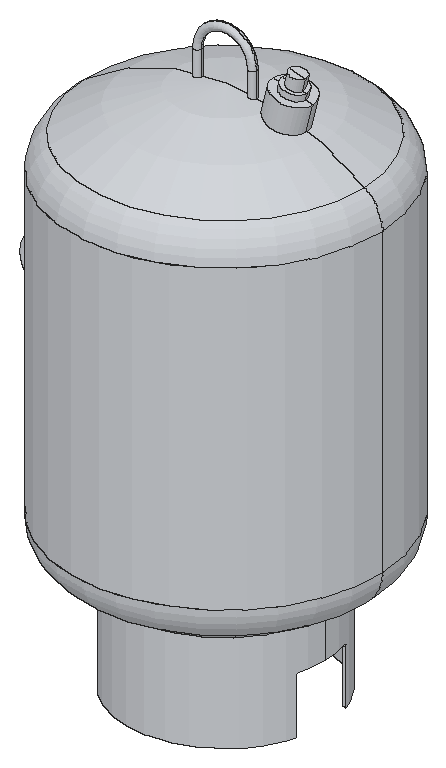
Revit family
Parameters (values of type "WX-130-CL 125# W.P.")
  Weight = "136 lbs"
  Tank Volume = "34 Gal"
  Tank Height/Length = 34.375"
  Tank Diameter = 20.000"
  Shell Length = 18.250"
  Pipe Connector Diameter = Pipe Connection Radius * 2  # 1.500"
  Pipe Connection Radius = 0.750"
  Model = "WX-130-CL"
  Maximum Acceptance Volume = "27 Gal"
  Max Operating Temp = "240 DEG F"
  Max Operating Pressure = "125 PSI"
  Manufacturer = "Amtrol"
  Lifting Ring Location = Shell Length / 2  # 9.125"
  Floor to Elbow Centerline = 1.500"
  Floor to Bottom of Tank = 3.709"
  Bladder/Diaphragm = "Bladder"
  ASME = yes
Types (3): name | Weight | Tank Volume | Tank Height/Length | Shell Length | Model | Lifting Ring Location
  (no name) | "136 lbs" | "34 Gal" | 34.375" | 18.250" | "WX-130-CL" | 9.125"
  WX-130-CL 125# W.P. | "136 lbs" | "34 Gal" | 34.375" | 18.250" | "WX-130-CL" | 9.125"
  WX-165-CL 125# W.P. | "146 lbs" | "44 Gal" | 39.375" | 23.250" | "WX-165-CL" | 11.625"
Reference planes (in)
  plane 1 "Center (Front/Back)": y = 0
  plane 2: z = 0
  plane 3 "Center (Left/Right)": x = 0
Forms (in)
  Revolve 1, solid
    sketch origin (0, 0, 0) x (1, 0, 0) y (0, 0, 1)
      loop
        line (-6.375, 0) -> (-6.187, 0) -> (-6.187, 7.44707) -> (-6.375, 7.44707) -> (-6.375, 0)
      axis (0, 0) -> (0, 7.44707)
    angle from 0 to 360
  Revolve 2, solid
    sketch origin (0, 0, 0) x (1, 0, 0) y (0, 0, 1)
      loop
        line (0.6492, 3.3675) -> (0.6492, 4.19707) -> (0, 4.19707) -> (0, 3.3675) -> (0.6492, 3.3675)
      axis (0, 3.3675) -> (0, 4.19707)
    angle from 0 to 360
  Extrusion 3, void
    sketch origin (0, 0, 0) x (0, 1, 0) y (0, 0, 1)
      loop
        line (0, 3.70581) -> (-1.75, 3.70581)
        arc (-1.75, 3.70581) -> (-1.92678, 3.63258) -> (-2, 3.45581) r 0.25
        line (-2, 3.45581) -> (-2, -0.25) -> (2, -0.25) -> (2, 3.45581)
        arc (2, 3.45581) -> (1.92678, 3.63258) -> (1.75, 3.70581) r 0.25
        line (1.75, 3.70581) -> (0, 3.70581)
    from 3.88729 to 12
  Sweep 4, solid
    path origin (0, 0, 0) x (1, 0, 0) y (0, 0, 1)
      loop
        line (0, 3) -> (0, 2.698)
        arc (0, 2.698) -> (0.35089, 1.85089) -> (1.198, 1.5) r 1.198
        line (1.198, 1.5) -> (1.5, 1.5)
    profile origin (0, 0, 2.849) x (0, -1, 0) y (1, 0, 0)
      loop
        circle (0, 0) r 0.75
  Revolve 5, solid
    sketch origin (0, 0, 0) x (1, 0, 0) y (0, 0, 1)
      loop
        line (0, 2.813) -> (0.65074, 2.813) -> (0.65074, 4.313) -> (0, 4.313) -> (0, 2.813)
      axis (0, 2.813) -> (0, 4.313)
    angle from 0 to 360
  Revolve 6, solid
    sketch origin (0, 0, 0) x (1, 0, 0) y (0, 0, 1)
      loop
        line (3.85419, 33.63902) -> (5.11558, 33.30102) -> (5.58812, 35.06454) -> (5.10515, 35.19395) -> (5.20603, 35.57043) -> (4.93892, 35.642) -> (5.13591, 36.37718) -> (4.62458, 36.51419) -> (3.85419, 33.63902)
      axis (3.85419, 33.63902) -> (4.62458, 36.51419)
    angle from 0 to 360
  Sweep 7, solid
    path origin (-0.03185, 0, 0.36625) x (1, 0, 0) y (0, 0, 1)
      loop
        line (-1.72794, 33.65651) -> (-1.72794, 35.40651)
        arc (-1.72794, 35.40651) -> (0.02206, 37.15651) -> (1.77206, 35.40651) r 1.75
        line (1.77206, 35.40651) -> (1.77206, 33.65651)
    profile origin (-1.75979, 0, 34.89776) x (-1, 0, 0) y (0, -1, 0)
      loop
        circle (0, 0) r 0.25
  Revolve 8, solid
    sketch origin (0, 0, 0) x (1, 0, 0) y (0, 0, 1)
      loop
        line (0, 34.375) -> (0, 3.709) -> (4.99442, 3.709) -> (4.99442, 4.209) -> (4.437, 4.209) -> (4.437, 4.40139) -> (4.99442, 4.40139) -> (4.99442, 5.7535)
        arc (4.99442, 5.7535) -> (5.04578, 5.76987) -> (5.07873, 5.81253) r 0.09054
        arc (5.07873, 5.81253) -> (7.08806, 6.70772) -> (8.95313, 7.87402) r 15.75634
        arc (8.95313, 7.87402) -> (9.72207, 8.77485) -> (9.99844, 9.92653) r 2.53776
        line (9.99844, 9.92653) -> (9.99844, 29.39526)
        arc (9.99844, 29.39526) -> (9.67843, 30.572) -> (8.87716, 31.49129) r 2.72468
        arc (8.87716, 31.49129) -> (4.6669, 33.636) -> (0, 34.375) r 15.1055
      axis (0, 3.709) -> (0, 34.375)
    angle from 0 to 360
  Sweep 9, solid
    path origin (0, 0, 0) x (1, 0, 0) y (0, 0, 1)
      loop
        line (-9.98249, 22.02026) -> (-10.98249, 22.02026)
        arc (-10.98249, 22.02026) -> (-12.73249, 20.27026) -> (-10.98249, 18.52026) r 1.75
        line (-10.98249, 18.52026) -> (-9.98249, 18.52026)
    profile origin (-10.48249, 0, 22.02026) x (0, 0, -1) y (0, -1, 0)
      loop
        circle (0, 0) r 0.25
Cuts and joins
  Extrusion 3 cuts Revolve 1
  Extrusion 3 cuts Revolve 2
Dimensions and locks (in)
  "Floor to Elbow Centerline": Sweep 4 sketch curve to cut or joined group of Revolve 1, Extrusion 3
  Revolve 6 sketch curve to Revolve 6 sketch curve = 2.9766"
  Revolve 6 sketch curve to Revolve 6 sketch curve = 2.21548"
  Revolve 6 sketch curve to Revolve 6 sketch curve = 1.82573"
  "Floor to Bottom of Tank": Revolve 8 sketch curve to level
  "Tank Height/Length": Revolve 8 sketch curve to cut or joined group of Revolve 1, Extrusion 3
  Revolve 8 sketch curve to Revolve 8 sketch curve = 12.38082"
  Revolve 6 sketch curve to Revolve 8 = 3.90577"
  Revolve 6 sketch curve to Revolve 8 = 4.24376"
  Sweep 7 sketch curve to Revolve 8 = 4.6275"  (x2)
  "Lifting Ring Location": Revolve 8 to Sweep 9 sketch curve
  aligned and locked: import instance to plane 3 "Center (Left/Right)"
  aligned and locked: plane 1 "Center (Front/Back)" to import instance
Automatic sketch dimensions
  Revolve 2 sketch curve to plane 3 "Center (Left/Right)" = 0.000"  (x2)
  plane 3 "Center (Left/Right)" to Revolve 2 sketch curve = 0.6492"
  level to Revolve 2 sketch curve = 3.3675"
  Revolve 2 sketch curve to Revolve 2 sketch curve = 0.000"
  Revolve 2 sketch curve to Revolve 2 sketch curve = 0.82957"
  Revolve 2 sketch curve to Revolve 2 sketch curve = 1.25068"
  Extrusion 3 sketch curve to plane 1 "Center (Front/Back)" = 0.000"
  plane 1 "Center (Front/Back)" to Extrusion 3 sketch curve = 1.750"
  Extrusion 3 sketch curve to Extrusion 3 sketch curve = 0.250"  (x2)
  Extrusion 3 sketch curve to plane 1 "Center (Front/Back)" = 1.750"
  Extrusion 3 sketch curve to level = 0.250"
  level to Extrusion 3 sketch curve = 3.45581"
  Sweep 4 sketch curve to plane 3 "Center (Left/Right)" = 0.000"
  Sweep 4 sketch curve to Sweep 4 sketch curve = 1.198"
  Sweep 4 sketch curve to Sweep 4 sketch curve = 0.302"  (x2)
  plane 1 "Center (Front/Back)" to Sweep 4 sketch curve = 0.000"
  Sweep 4 sketch curve to profile plane = 0.000"
  Revolve 5 sketch curve to plane 3 "Center (Left/Right)" = 0.000"  (x2)
  plane 3 "Center (Left/Right)" to Revolve 5 sketch curve = 0.65074"
  level to Revolve 5 sketch curve = 2.813"
  Revolve 5 sketch curve to Revolve 5 sketch curve = 0.000"
  Revolve 5 sketch curve to Revolve 5 sketch curve = 1.500"
  Revolve 5 sketch curve to Revolve 5 sketch curve = 0.500"
  plane 3 "Center (Left/Right)" to Revolve 6 sketch curve = 3.85419"
  Revolve 6 sketch curve to Revolve 6 sketch curve = 0.14815"
  Revolve 6 sketch curve to Revolve 6 sketch curve = 0.05202"
  Revolve 6 sketch curve to Revolve 6 sketch curve = 0.6492"
  Revolve 6 sketch curve to Revolve 6 sketch curve = 0.16624"
  Revolve 6 sketch curve to Revolve 6 sketch curve = 0.55291"
  Revolve 6 sketch curve to Revolve 6 sketch curve = 0.19415"
  Sweep 7 sketch curve to plane 3 "Center (Left/Right)" = 1.75979"
  Sweep 7 sketch curve to plane 3 "Center (Left/Right)" = 0.00979"
  Sweep 7 sketch curve to Sweep 7 sketch curve = 1.750"
  plane 1 "Center (Front/Back)" to Sweep 7 sketch curve = 0.000"
  Sweep 7 sketch curve to profile plane = 0.000"
  Revolve 1 sketch curve to level = 0.000"  (x2)
  Revolve 1 sketch curve to plane 3 "Center (Left/Right)" = 0.000"
  Revolve 1 sketch curve to plane 3 "Center (Left/Right)" = 6.187"
  Revolve 1 sketch curve to Revolve 1 sketch curve = 0.188"
  level to Revolve 1 sketch curve = 7.44707"
  Revolve 1 sketch curve to Revolve 1 sketch curve = 1.05293"
  Revolve 6 sketch curve to Revolve 6 sketch curve = 0.31433"
  Revolve 8 sketch curve to plane 3 "Center (Left/Right)" = 0.000"  (x2)
  Revolve 8 sketch curve to plane 3 "Center (Left/Right)" = 0.3131"
  plane 3 "Center (Left/Right)" to Revolve 8 sketch curve = 4.437"
  Revolve 8 sketch curve to Revolve 8 sketch curve = 0.55684"
  Revolve 8 sketch curve to Revolve 8 sketch curve = 0.55742"
  Revolve 8 sketch curve to Revolve 8 sketch curve = 0.00058"
  Revolve 8 sketch curve to Revolve 8 sketch curve = 0.08488"
  plane 3 "Center (Left/Right)" to Revolve 8 sketch curve = 7.27592"
  Revolve 8 sketch curve to Revolve 8 sketch curve = 2.38196"
  Revolve 8 sketch curve to Revolve 8 sketch curve = 1.60123"
  Revolve 8 sketch curve to Revolve 8 sketch curve = 0.000"  (x3)
  Revolve 8 sketch curve to Revolve 8 sketch curve = 1.49244"
  Revolve 8 sketch curve to Revolve 8 sketch curve = 1.04531"
  Revolve 8 sketch curve to Revolve 8 sketch curve = 0.500"
  Revolve 8 sketch curve to Revolve 8 sketch curve = 0.19239"
  Revolve 8 sketch curve to Revolve 8 sketch curve = 1.35211"
  Revolve 8 sketch curve to Revolve 8 sketch curve = 0.05903"
  Revolve 8 sketch curve to Revolve 8 sketch curve = 4.334"
  Sweep 9 sketch curve to plane 3 "Center (Left/Right)" = 10.98249"
  Sweep 9 sketch curve to Sweep 9 sketch curve = 1.000"  (x2)
  Sweep 9 sketch curve to Sweep 9 sketch curve = 1.750"
  Sweep 9 sketch curve to plane 1 "Center (Front/Back)" = 0.000"
  Sweep 9 sketch curve to profile plane = 0.000"
  radius of Sweep 4 sketch curve = 0.750"
  radius of Sweep 7 sketch curve = 0.250"
  radius of Sweep 9 sketch curve = 0.250"
Connectors (in)
  piping at (1.5, 0, 1.5), driven by "Pipe Connection Radius"
    settings: on Sweep 4, index 1
